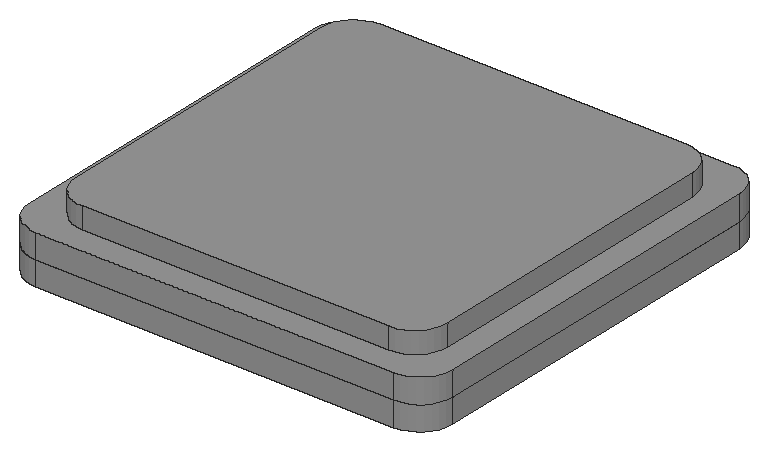
Revit family "FMS2_63_UN_Surface-mounted_ETK", category Lighting Fixtures, Revit 2019 (continued)
Definition of nested family "FMS.2 - Lightsource"
  Types (14, lengths in mm): name | Wattage Comments | Wattage | built-in parameter 1150134 | Photometric Web File | built-in parameter 1150142 | built-in parameter 1150105 | Lumens | built-in parameter 1150107 | built-in parameter 1150106 | Apparent Load
    FMS.1113.10 - Ø270 / 18W / 1120lm / 4000K | "18W" | 7.53996 W | 12 | "FMS.1113.10.ies" | "IESNA:LM-63-2002\r\n[TEST] /2016\r\n[TESTLAB] ies2eulumdat.appspot.com\r\n[ISSUEDATE] 2021-10-05T13:45:23.116\r\n[MANUFAC] www.etk.nl\r\n[LUMCAT] FMS.1113.10\r\n[LUMINAIRE] FMS.1 LED 18W 4000K 1120lm DALI ø270 Ledeshi Slice circle III DALI\r\n[LAMPCAT] LED\r\n[LAMP] LED\r\nTILT=NONE\r\n1\t1381\t1\t181\t72\t1\t2\t-0.270\t-0.270\t0\r\n1.0\t1.0\t15.30\r\n0\t 0.5\t 1\t 1.5\t 2\t 2.5\t 3\t 3.5\t 4\t 4.5\r\n5\t 5.5\t 6\t 6.5\t 7\t 7.5\t 8\t 8.5\t 9\t 9.5\r\n10\t 10.5\t 11\t 11.5\t 12\t 12.5\t 13\t 13.5\t 14\t 14.5\r\n15\t 15.5\t 16\t 16.5\t 17\t 17.5\t 18\t 18.5\t 19\t 19.5\r\n20\t 20.5\t 21\t 21.5\t 22\t 22.5\t 23\t 23.5\t 24\t 24.5\r\n25\t 25.5\t 26\t 26.5\t 27\t 27.5\t 28\t 28.5\t 29\t 29.5\r\n30\t 30.5\t 31\t 31.5\t 32\t 32.5\t 33\t 33.5\t 34\t 34.5\r\n35\t 35.5\t 36\t 36.5\t 37\t 37.5\t 38\t 38.5\t 39\t 39.5\r\n40\t 40.5\t 41\t 41.5\t 42\t 42.5\t 43\t 43.5\t 44\t 44.5\r\n45\t 45.5\t 46\t 46.5\t 47\t 47.5\t 48\t 48.5\t 49\t 49.5\r\n50\t 50.5\t 51\t 51.5\t 52\t 52.5\t 53\t 53.5\t 54\t 54.5\r\n55\t 55.5\t 56\t 56.5\t 57\t 57.5\t 58\t 58.5\t 59\t 59.5\r\n60\t 60.5\t 61\t 61.5\t 62\t 62.5\t 63\t 63.5\t 64\t 64.5\r\n65\t 65.5\t 66\t 66.5\t 67\t 67.5\t 68\t 68.5\t 69\t 69.5\r\n70\t 70.5\t 71\t 71.5\t 72\t 72.5\t 73\t 73.5\t 74\t 74.5\r\n75\t 75.5\t 76\t 76.5\t 77\t 77.5\t 78\t 78.5\t 79\t 79.5\r\n80\t 80.5\t 81\t 81.5\t 82\t 82.5\t 83\t 83.5\t 84\t 84.5\r\n85\t 85.5\t 86\t 86.5\t 87\t 87.5\t 88\t 88.5\t 89\t 89.5\r\n90\r\n0\t 5\t 10\t 15\t 20\t 25\t 30\t 35\t 40\t 45\r\n50\t 55\t 60\t 65\t 70\t 75\t 80\t 85\t 90\t 95\r\n100\t 105\t 110\t 115\t 120\t 125\t 130\t 135\t 140\t 145\r\n150\t 155\t 160\t 165\t 170\t 175\t 180\t 185\t 190\t 195\r\n200\t 205\t 210\t 215\t 220\t 225\t 230\t 235\t 240\t 245\r\n250\t 255\t 260\t 265\t 270\t 275\t 280\t 285\t 290\t 295\r\n300\t 305\t 310\t 315\t 320\t 325\t 330\t 335\t 340\t 345\r\n350\t 355\r\n502.9602\t502.2697\t501.5792\t501.303\t500.8887\t500.3363\t499.6458\t499.2315\t498.6791\t497.8505\r\n497.16\t496.3314\t495.5028\t494.5361\t493.5694\t492.4646\t491.2217\t490.255\t489.2883\t488.0454\r\n486.8025\t485.4215\t484.0405\t482.6595\t481.2785\t479.7594\t478.2403\t476.5831\t475.064\t473.4068\r\n471.7496\t469.8162\t468.0209\t466.0875\t464.1541\t462.2207\t460.1492\t458.0777\t456.0062\t453.9347\r\n451.7251\t449.6536\t447.5821\t445.2344\t442.7486\t440.2628\t437.777\t435.4293\t433.0816\t430.4577\r\n427.8338\t425.348\t422.8622\t420.2383\t417.4763\t414.5762\t411.8142\t409.0522\t406.2902\t403.5282\r\n400.7662\t397.728\t394.5517\t391.6516\t388.7515\t385.7133\t382.8132\t379.6369\t376.4606\t373.4224\r\n370.2461\t367.2079\t364.1697\t360.7172\t357.4028\t354.0884\t350.774\t347.5977\t344.4214\t340.8308\r\n337.3783\t333.9258\t330.4733\t327.1589\t323.8445\t320.392\t316.9395\t313.2108\t309.6202\t306.1677\r\n302.7152\t298.9865\t295.2578\t291.6672\t288.0766\t284.486\t280.8954\t277.1667\t273.2999\t269.7093\r\n265.9806\t262.2519\t258.5232\t254.7945\t250.9277\t247.3371\t243.7465\t239.8797\t236.0129\t232.008\r\n228.0031\t224.4125\t220.8219\t216.9551\t213.2264\t209.0834\t205.0785\t201.2117\t197.3449\t193.4781\r\n189.6113\t185.4683\t181.4634\t177.7347\t173.8679\t170.0011\t165.9962\t161.9913\t157.8483\t153.9815\r\n150.2528\t146.5241\t142.7954\t138.7905\t134.7718\t130.6978\t126.6239\t122.9366\t119.2355\t115.3687\r\n111.5019\t107.8285\t104.1412\t100.4125\t96.6976\t92.9551\t89.2264\t85.4839\t81.7552\t78.3027\r\n74.864\t71.5496\t68.2352\t64.9761\t61.7031\t58.5544\t55.4057\t52.4228\t49.4398\t46.5397\r\n43.6534\t40.7395\t37.8256\t35.1741\t32.5226\t30.0229\t27.5371\t25.2861\t23.0351\t21.0741\r\n19.113\t16.061\t13.0118\t10.1559\t7.3013\t6.7545\t6.209\t5.8775\t5.5461\t5.3141\r\n5.0821\r\n502.9602\t502.2697\t501.4411\t501.0268\t500.6125\t499.922\t499.2315\t498.6791\t497.9886\t497.16\r\n496.3314\t495.5028\t494.5361\t493.5694\t492.6027\t491.3598\t490.1169\t489.0121\t487.9073\t486.6644\r\n485.4215\t483.9024\t482.5214\t481.0023\t479.4832\t477.9641\t476.3069\t474.6497\t472.9925\t471.3353\r\n469.6781\t467.7447\t465.6732\t463.7398\t461.8064\t459.873\t457.8015\t455.5919\t453.5204\t451.3108\r\n449.1012\t446.8916\t444.8201\t442.3343\t439.9866\t437.3627\t434.8769\t432.3911\t430.0434\t427.4195\r\n424.7956\t422.1717\t419.6859\t416.9239\t414.3\t411.3999\t408.4998\t405.7378\t402.8377\t400.0757\r\n397.3137\t394.2755\t391.0992\t388.061\t385.1609\t382.1227\t379.2226\t376.0463\t372.87\t369.6937\r\n366.6555\t363.4792\t360.3029\t356.9885\t353.6741\t350.3597\t347.0453\t343.7309\t340.4165\t337.1021\r\n333.6496\t330.1971\t326.7446\t323.2921\t319.8396\t316.5252\t313.0727\t309.4821\t305.8915\t302.3009\r\n298.8484\t295.2578\t291.5291\t287.9385\t284.3479\t280.7573\t277.1667\t273.438\t269.7093\t266.1187\r\n262.39\t258.6613\t254.9326\t251.2039\t247.4752\t243.7465\t240.0178\t236.2891\t232.5604\t228.6936\r\n224.8268\t220.96\t217.2313\t213.5026\t209.7739\t205.9071\t202.0403\t198.0354\t194.3067\t190.4399\r\n186.5731\t182.7063\t178.7014\t174.8346\t170.9678\t167.2391\t163.3723\t159.5055\t155.6387\t151.7719\r\n147.9051\t144.1764\t140.4477\t136.6776\t132.8798\t129.0821\t125.2429\t121.4037\t117.7441\t114.0982\r\n110.3833\t106.6684\t103.0778\t99.5425\t96.0485\t92.4027\t88.7983\t85.2353\t81.7276\t78.2751\r\n74.864\t71.522\t68.2352\t65.0451\t61.8964\t58.803\t55.7648\t52.9061\t50.1027\t47.1611\r\n44.2334\t41.2505\t38.1985\t34.9945\t31.3763\t27.8824\t24.7061\t21.7093\t19.0026\t16.572\r\n14.3348\t12.824\t11.5037\t10.3175\t9.319\t8.5871\t8.0858\t7.7612\t2.0356\t0\r\n0\r\n502.9602\t502.1316\t501.303\t500.8887\t500.3363\t499.6458\t498.8172\t498.1267\t497.4362\t496.6076\r\n495.6409\t494.8123\t493.8456\t492.7408\t491.636\t490.3931\t489.1502\t487.9073\t486.8025\t485.4215\r\n484.1786\t482.6595\t481.1404\t479.6213\t478.1022\t476.445\t474.7878\t473.1306\t471.3353\t469.6781\r\n467.8828\t465.9494\t464.016\t461.9445\t460.0111\t457.9396\t455.8681\t453.7966\t451.587\t449.3774\r\n447.1678\t444.9582\t442.7486\t440.4009\t437.9151\t435.4293\t432.9435\t430.3196\t427.8338\t425.348\r\n422.7241\t420.1002\t417.4763\t414.8524\t412.2285\t409.4665\t406.5664\t403.6663\t400.9043\t398.0042\r\n395.2422\t392.3421\t389.3039\t386.1276\t383.2275\t380.3274\t377.2892\t374.251\t371.0747\t367.8984\r\n364.7221\t361.6839\t358.5076\t355.3313\t352.0169\t348.7025\t345.3881\t342.2118\t338.8974\t335.583\r\n332.2686\t328.8161\t325.5017\t322.0492\t318.5967\t315.2823\t311.8298\t308.3773\t305.0629\t301.4723\r\n298.0198\t294.4292\t290.8386\t287.3861\t283.9336\t280.343\t276.7524\t273.2999\t269.7093\t266.1187\r\n262.5281\t258.7994\t255.2088\t251.6182\t247.8895\t244.2989\t240.5702\t236.9796\t233.2509\t229.6603\r\n225.9316\t222.2029\t218.6123\t214.8836\t211.1549\t207.2881\t203.4213\t199.4164\t195.4115\t191.4066\r\n187.5398\t183.673\t179.6681\t175.6632\t171.6583\t167.6534\t163.7866\t159.9198\t156.1911\t152.3243\r\n148.4575\t144.5907\t140.7239\t137.0366\t133.3494\t129.6897\t126.0439\t122.3428\t118.6555\t115.0235\r\n111.4467\t107.9666\t104.5831\t101.2135\t97.7334\t94.2809\t90.8698\t87.3344\t83.7715\t80.3742\r\n77.0322\t73.8145\t70.652\t67.5723\t64.5618\t61.6064\t58.6925\t55.8338\t52.9752\t50.0613\r\n47.175\t43.971\t40.7119\t37.577\t34.5664\t31.6939\t28.9596\t26.3771\t23.9742\t21.806\r\n19.8588\t18.0359\t16.3372\t14.7353\t13.2245\t10.0371\t3.3061\t0\t0\t0\r\n0\r\n502.9602\t502.1316\t501.1649\t500.6125\t500.0601\t499.2315\t498.4029\t497.7124\t496.8838\t496.0552\r\n495.0885\t494.1218\t493.017\t491.9122\t490.8074\t489.5645\t488.1835\t486.9406\t485.6977\t484.4548\r\n483.0738\t481.6928\t480.0356\t478.5165\t476.8593\t475.3402\t473.683\t471.8877\t470.0924\t468.4352\r\n466.6399\t464.8446\t462.7731\t460.7016\t458.7682\t456.6967\t454.6252\t452.5537\t450.3441\t448.1345\r\n445.9249\t443.7153\t441.3676\t439.158\t436.8103\t434.3245\t431.8387\t429.3529\t426.729\t424.2432\r\n421.7574\t419.1335\t416.5096\t413.8857\t411.2618\t408.4998\t405.7378\t402.9758\t400.0757\t397.3137\r\n394.5517\t391.6516\t388.8896\t385.8514\t382.8132\t379.775\t377.013\t373.9748\t370.9366\t367.8984\r\n364.7221\t361.6839\t358.6457\t355.4694\t352.2931\t349.1168\t345.9405\t342.7642\t339.5879\t336.2735\r\n333.0972\t329.7828\t326.4684\t323.154\t319.9777\t316.6633\t313.3489\t309.8964\t306.582\t303.2676\r\n299.9532\t296.6388\t293.1863\t289.3195\t285.4527\t281.8621\t278.1334\t274.4047\t270.5379\t266.8092\r\n263.0805\t259.3518\t255.485\t251.6182\t247.8895\t244.0227\t240.294\t236.4272\t232.6985\t228.8317\r\n225.103\t221.2362\t217.5075\t213.7788\t209.912\t206.0452\t202.1784\t198.5878\t194.8591\t191.2685\r\n187.5398\t183.8111\t179.9443\t176.2156\t172.625\t168.8963\t165.3057\t161.7151\t157.9864\t154.3958\r\n150.8052\t147.3527\t143.7621\t139.8953\t135.9871\t132.0512\t128.0877\t124.1657\t120.5475\t116.9431\r\n113.3525\t109.7757\t106.2265\t102.6912\t99.1972\t95.7862\t92.4441\t89.1574\t85.9534\t82.8186\r\n79.7389\t76.6731\t73.4968\t70.3896\t67.3928\t64.4651\t61.6202\t58.803\t56.0134\t53.2652\r\n50.5722\t47.8516\t45.1587\t42.4934\t39.7866\t37.1075\t34.5112\t31.984\t29.512\t27.109\r\n24.7751\t22.4965\t20.2869\t13.1457\t5.7187\t0\t0\t0\t0\t0\r\n0\r\n502.9602\t501.9935\t501.1649\t500.4744\t499.7839\t498.9553\t498.1267\t497.2981\t496.4695\t495.5028\r\n494.5361\t493.5694\t492.4646\t491.3598\t490.1169\t488.874\t487.493\t486.112\t484.8691\t483.6262\r\n482.2452\t480.7261\t479.207\t477.5498\t476.0307\t474.5116\t472.8544\t471.0591\t469.2638\t467.4685\r\n465.6732\t463.8779\t462.0826\t460.0111\t457.9396\t455.8681\t453.9347\t451.8632\t449.6536\t447.444\r\n445.2344\t443.0248\t440.8152\t438.6056\t436.2579\t433.9102\t431.5625\t429.2148\t426.5909\t424.1051\r\n421.6193\t419.1335\t416.5096\t414.0238\t411.3999\t408.776\t406.1521\t403.3901\t400.6281\t397.8661\r\n395.1041\t392.3421\t389.5801\t386.8181\t384.0561\t381.0179\t378.1178\t375.2177\t372.3176\t369.5556\r\n366.5174\t363.4792\t360.441\t357.4028\t354.3646\t351.4645\t348.2882\t344.8357\t341.2451\t337.7926\r\n334.202\t330.6114\t327.1589\t323.5683\t319.9777\t316.3871\t312.7965\t309.2059\t305.6153\t302.0247\r\n298.296\t294.7054\t291.1148\t287.5242\t283.9336\t280.343\t276.6143\t273.0237\t269.4331\t265.8425\r\n262.2519\t258.5232\t254.9326\t251.342\t247.8895\t244.1608\t240.5702\t236.9796\t233.2509\t229.6603\r\n226.0697\t222.6172\t219.0266\t215.436\t211.8454\t208.3929\t204.9404\t201.4879\t197.8973\t194.1686\r\n190.0256\t185.8826\t181.8777\t178.149\t174.2822\t170.4154\t166.5486\t162.5437\t158.6769\t154.8101\r\n151.0814\t147.3527\t143.624\t139.8953\t136.2495\t132.5898\t128.944\t125.3396\t121.8594\t118.4207\r\n115.0235\t111.6262\t108.2704\t104.7765\t101.2825\t97.83\t94.4328\t91.0908\t87.804\t84.5586\r\n81.3961\t78.2889\t75.2507\t72.2539\t69.2986\t66.3985\t63.5398\t60.7226\t57.9468\t55.24\r\n52.5885\t49.9922\t47.4512\t44.9654\t42.5072\t40.0628\t37.6599\t35.2846\t32.8678\t30.4787\r\n25.3414\t17.1382\t8.953\t0.7955\t0\t0\t0\t0\t0\t0\r\n0\r\n502.9602\t501.9935\t501.0268\t500.1982\t499.5077\t498.6791\t497.7124\t496.8838\t496.0552\t495.0885\r\n494.1218\t493.017\t491.9122\t490.8074\t489.5645\t488.3216\t486.9406\t485.5596\t484.1786\t482.9357\r\n481.5547\t480.1737\t478.6546\t476.9974\t475.4783\t473.8211\t472.1639\t470.5067\t468.7114\t466.9161\r\n465.1208\t463.3255\t461.5302\t459.7349\t457.6634\t455.5919\t453.6585\t451.587\t449.6536\t447.444\r\n445.3725\t443.1629\t440.8152\t438.7437\t436.5341\t434.1864\t431.9768\t429.6291\t427.2814\t424.9337\r\n422.4479\t419.9621\t417.4763\t414.9905\t412.5047\t410.157\t407.5331\t404.9092\t402.2853\t399.6614\r\n397.0375\t394.2755\t391.6516\t388.8896\t386.2657\t383.3656\t380.0512\t376.7368\t373.4224\t369.9699\r\n366.6555\t363.3411\t360.0267\t356.5742\t353.1217\t349.6692\t346.3548\t342.9023\t339.5879\t336.1354\r\n332.5448\t329.0923\t325.6398\t322.3254\t318.8729\t315.4204\t311.9679\t308.5154\t305.0629\t301.6104\r\n298.1579\t294.7054\t291.2529\t287.8004\t284.3479\t280.8954\t277.4429\t273.9904\t270.5379\t267.0854\r\n263.6329\t260.1804\t256.866\t253.4135\t249.961\t246.5085\t243.056\t239.7416\t236.151\t232.1461\r\n228.2793\t224.2744\t220.2695\t216.4027\t212.3978\t208.531\t204.6642\t200.7974\t197.0687\t193.2019\r\n189.3351\t185.4683\t181.7396\t178.149\t174.4203\t170.6916\t166.9629\t163.2342\t159.5055\t155.9149\r\n152.3243\t148.8718\t145.2812\t141.8287\t138.3762\t134.6199\t130.905\t127.2453\t123.6133\t119.9951\r\n116.3907\t112.8277\t109.3062\t105.8537\t102.4426\t99.0729\t95.7447\t92.4303\t89.1712\t85.9396\r\n82.7633\t79.6423\t76.5626\t73.5383\t70.5967\t67.7242\t64.8794\t62.0621\t59.2863\t56.5243\r\n53.79\t51.0832\t48.404\t45.7663\t43.1562\t40.56\t38.0051\t35.4641\t27.8824\t19.8588\r\n11.8435\t3.8226\t0\t0\t0\t0\t0\t0\t0\t0\r\n0\r\n502.9602\t501.9935\t500.8887\t500.0601\t499.3696\t498.4029\t497.5743\t496.6076\t495.6409\t494.6742\r\n493.7075\t492.6027\t491.4979\t490.255\t489.1502\t487.7692\t486.5263\t485.1453\t483.7643\t482.3833\r\n481.0023\t479.6213\t478.2403\t476.7212\t475.064\t473.5449\t471.8877\t470.2305\t468.7114\t466.9161\r\n465.1208\t463.3255\t461.3921\t459.5968\t457.8015\t456.0062\t453.9347\t451.8632\t449.9298\t447.9964\r\n445.9249\t443.8534\t441.6438\t439.4342\t437.3627\t435.1531\t433.0816\t430.872\t428.5243\t426.1766\r\n423.967\t421.7574\t419.4097\t416.9239\t414.5762\t412.0904\t409.6046\t406.8426\t403.9425\t400.7662\r\n397.4518\t394.2755\t391.0992\t387.9229\t384.7466\t381.5703\t378.2559\t375.0796\t371.9033\t368.727\r\n365.4126\t362.2363\t358.7838\t355.4694\t352.2931\t349.1168\t345.8024\t342.3499\t339.0355\t335.7211\r\n332.5448\t329.2304\t325.916\t322.6016\t319.2872\t315.9728\t312.6584\t309.344\t306.0296\t302.7152\r\n299.4008\t296.2245\t292.9101\t289.7338\t286.4194\t283.105\t279.9287\t276.6143\t273.2999\t269.5712\r\n265.7044\t261.9757\t257.9708\t254.104\t250.2372\t246.3704\t242.5036\t238.7749\t234.9081\t231.1794\r\n227.3126\t223.5839\t219.7171\t215.9884\t212.2597\t208.531\t204.9404\t201.2117\t197.6211\t193.8924\r\n190.3018\t186.5731\t182.9825\t179.3919\t175.8013\t172.2107\t168.7582\t165.1676\t161.4389\t157.5721\r\n153.7053\t149.9766\t146.2479\t142.6573\t139.0667\t135.4485\t131.8303\t128.2535\t124.7043\t121.1689\r\n117.6612\t114.1949\t110.7424\t107.3866\t104.0722\t100.7854\t97.54\t94.2532\t90.9527\t87.6797\r\n84.462\t81.2719\t78.1232\t75.0159\t71.9501\t68.9119\t65.9151\t62.9598\t60.0459\t57.1596\r\n54.3009\t51.4561\t48.6526\t45.8492\t43.0872\t38.9718\t31.0587\t23.1318\t15.2186\t7.3069\r\n0\t0\t0\t0\t0\t0\t0\t0\t0\t0\r\n0\r\n502.9602\t501.8554\t500.8887\t499.922\t499.0934\t498.2648\t497.2981\t496.3314\t495.3647\t494.398\r\n493.2932\t492.1884\t491.0836\t489.9788\t488.7359\t487.493\t486.2501\t484.8691\t483.4881\t482.1071\r\n480.7261\t479.3451\t477.9641\t476.5831\t475.064\t473.5449\t471.8877\t470.2305\t468.5733\t467.0542\r\n465.397\t463.6017\t461.8064\t460.0111\t458.2158\t456.4205\t454.6252\t452.8299\t450.7584\t448.6869\r\n446.7535\t444.9582\t443.0248\t440.9533\t438.8818\t436.6722\t434.6007\t432.3911\t430.4577\t428.3862\r\n426.1766\t423.1384\t420.2383\t417.3382\t414.4381\t411.3999\t408.3617\t405.3235\t402.2853\t399.109\r\n396.0708\t393.1707\t390.2706\t387.0943\t383.918\t380.7417\t377.5654\t374.5272\t371.3509\t368.1746\r\n365.1364\t361.9601\t358.9219\t355.7456\t352.7074\t349.5311\t346.3548\t343.1785\t339.8641\t336.8259\r\n333.6496\t330.4733\t327.297\t323.9826\t320.9444\t317.7681\t314.7299\t311.5536\t308.3773\t305.201\r\n302.0247\t298.4341\t294.7054\t290.9767\t287.1099\t283.3812\t279.6525\t275.7857\t272.057\t268.4664\r\n264.7377\t261.009\t257.2803\t253.5516\t249.8229\t246.0942\t242.3655\t238.7749\t235.0462\t231.4556\r\n227.865\t224.1363\t220.5457\t216.9551\t213.3645\t209.7739\t206.1833\t202.7308\t199.1402\t195.5496\r\n192.0971\t188.3684\t184.5016\t180.6348\t176.768\t173.0393\t169.1725\t165.4438\t161.7151\t158.1245\r\n154.3958\t150.8052\t147.0765\t143.4859\t139.8953\t136.3047\t132.7417\t129.2064\t125.6986\t122.2185\r\n118.766\t115.3273\t111.9162\t108.5328\t105.1632\t101.8211\t98.5067\t95.2061\t91.947\t88.7154\r\n85.4977\t82.3076\t79.1451\t75.9826\t72.8616\t69.7405\t66.6333\t63.5536\t60.4878\t57.4358\r\n54.3976\t51.387\t48.3902\t43.0596\t35.1465\t27.2471\t19.3478\t11.4471\t3.5519\t0\r\n0\t0\t0\t0\t0\t0\t0\t0\t0\t0\r\n0\r\n502.9602\t501.8554\t500.7506\t499.7839\t498.9553\t498.1267\t497.16\t496.0552\t495.0885\t494.1218\r\n493.017\t492.0503\t490.8074\t489.7026\t488.4597\t487.2168\t485.9739\t484.731\t483.35\t482.1071\r\n480.7261\t479.3451\t477.9641\t476.445\t475.064\t473.683\t472.1639\t470.5067\t468.9876\t467.3304\r\n465.8113\t464.1541\t462.635\t460.8397\t459.0444\t457.2491\t455.4538\t453.7966\t452.0013\t450.206\r\n448.4107\t446.3392\t444.4058\t442.6105\t440.8152\t439.0199\t436.2579\t433.3578\t430.4577\t427.5576\r\n424.7956\t421.8955\t419.1335\t416.2334\t413.3333\t410.2951\t407.395\t404.4949\t401.7329\t398.8328\r\n395.7946\t392.7564\t389.7182\t386.68\t383.6418\t380.7417\t377.8416\t374.9415\t371.9033\t368.8651\r\n365.6888\t362.7887\t359.7505\t356.7123\t353.6741\t350.6359\t347.5977\t344.6976\t341.6594\t338.7593\r\n335.7211\t332.6829\t329.7828\t326.6065\t323.4302\t319.7015\t315.9728\t312.3822\t308.6535\t304.7867\r\n301.058\t297.4674\t293.7387\t290.1481\t286.5575\t282.8288\t279.2382\t275.6476\t271.9189\t268.3283\r\n264.5996\t261.009\t257.4184\t253.8278\t250.2372\t246.6466\t243.1941\t239.6035\t236.0129\t232.5604\r\n229.1079\t225.5173\t222.0648\t218.4742\t215.0217\t211.4311\t207.5643\t203.6975\t199.9688\t196.102\r\n192.3733\t188.5065\t184.7778\t181.0491\t177.1823\t173.4536\t169.863\t166.1343\t162.4056\t158.815\r\n155.2244\t151.6338\t147.9051\t144.4526\t140.862\t137.3128\t133.7637\t130.2421\t126.7344\t123.2404\r\n119.7465\t116.3078\t112.8829\t109.4719\t106.0884\t102.7188\t99.3629\t96.0209\t92.6927\t89.3783\r\n86.0777\t82.791\t79.5318\t76.2726\t73.0411\t69.8234\t66.6194\t63.4293\t60.253\t57.0905\r\n53.9419\t48.1831\t40.2285\t32.274\t24.3332\t16.4063\t8.4669\t0.5338\t0\t0\r\n0\t0\t0\t0\t0\t0\t0\t0\t0\t0\r\n0\r\n502.9602\t501.8554\t500.7506\t499.6458\t498.8172\t497.8505\t497.0219\t495.9171\t494.8123\t493.8456\r\n492.7408\t491.7741\t490.6693\t489.5645\t488.4597\t487.2168\t485.9739\t484.731\t483.35\t482.1071\r\n480.7261\t479.3451\t478.1022\t476.7212\t475.3402\t473.8211\t472.4401\t471.0591\t469.54\t468.0209\r\n466.5018\t464.8446\t463.3255\t461.8064\t460.2873\t458.6301\t456.83
